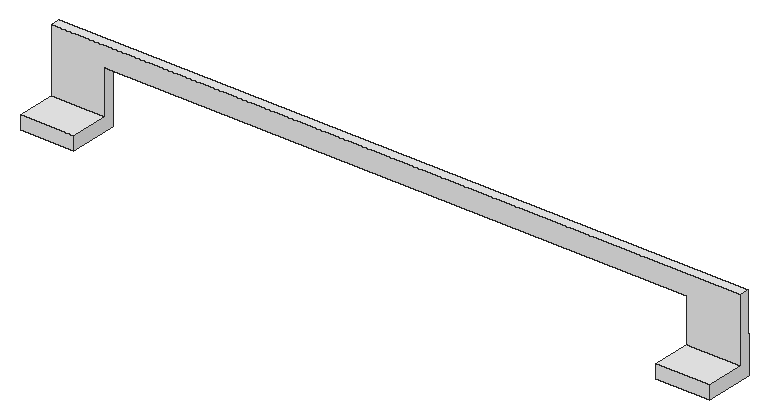
Revit family "Towel_Bar-Delta-Vero", category Furniture, host Face, Revit 2012
Parameters (values of type "Chrome")
  z Width [instance] = if(or(Towel Bar is 24 Inches, Towel Bar is 24 Inches Double), 26.000", 32.000")  # 26.000"
  z Visible [instance] = not(z Error)  # yes
  z Type Material = 1
  z Support Size [instance] = if(z Second Bar Visible, 2.125", 2.031")  # 2.031"
  z Second Bar Visible [instance] = and(z Visible, Towel Bar is 24 Inches Double)  # no
  z Second Bar Position [instance] = if(z Second Bar Visible, 3.625", z Depth)  # 2.906"
  z Height = 1.813"  # constant formula
  z Error Width [instance] = if(z Error, z Width, 0.125")  # 0.125"
  z Error Height [instance] = if(z Error, z Height, 0.125")  # 0.125"
  z Error Depth [instance] = if(z Error, z Depth, 0.125")  # 0.125"
  z Error [instance] = if(Towel Bar is 30 Inches, if(Towel Bar is 24 Inches, 1 = 1, if(Towel Bar is 24 Inches Double, 1 = 1, 0 = 1)), if(Towel Bar is 24 Inches Double, if(Towel Bar is 24 Inches, 1 = 1, 0 = 1), if(Towel Bar is 24 Inches, 0 = 1, 1 = 1)))  # no
  z Elevation = 0.000"  # constant formula
  z Depth [instance] = if(z Second Bar Visible, 7.250", 2.906")  # 2.906"
  z Bar Center Inset [instance] = if(z Second Bar Visible, 1.063", 0.000")  # 0.000"
  Width [instance] = z Width  # 26.000"
  URL = "http://www.deltafaucet.com/index.html"
  Towel Bar is 30 Inches [instance] = no
  Towel Bar is 24 Inches Double [instance] = no
  Towel Bar is 24 Inches [instance] = not(or(Towel Bar is 30 Inches, Towel Bar is 24 Inches Double))  # yes
  Product Page URL = "http://www.deltafaucet.com/bath/details/77725.html"
  Product Material = Chrome - Delta - Polished
  Product Documentation Link = "http://www.deltafaucet.com/media/SpecSheet/DSP-A-77725%20Rev%20A.pdf"
  Part Number [instance] = if(z Error, "Error: Select One Towel Bar Length Option", if(Towel Bar is 30 Inches, if(z Type Material = 1, "77730", if(z Type Material = 2, "77730-CZ", if(z Type Material = 3, "77730-RB", if(z Type Material = 4, "77730-SS", "Not Available")))), if(Towel Bar is 24 Inches Double, if(z Type Material = 1, "77725", if(z Type Material = 2, "77725-CZ", if(z Type Material = 3, "77725-RB", if(z Type Material = 4, "77725-SS", "Not Available")))), if(Towel Bar is 24 Inches, if(z Type Material = 1, "77724", if(z Type Material = 2, "77724-CZ", if(z Type Material = 3, "77724-RB", if(z Type Material = 4, "77724-SS", "Not Available")))), "Not Available"))))  # "77724"
  Part Description [instance] = if(z Error, "Error: Select One Towel Bar Length Option", if(Towel Bar is 30 Inches, if(z Type Material = 1, "Vero 30 Inch Towel Bar, Chrome", if(z Type Material = 2, "Vero 30 Inch Towel Bar, Champagne Bronze", if(z Type Material = 3, "Vero 30 Inch Towel Bar, Venetian Bronze", if(z Type Material = 4, "Vero 30 Inch Towel Bar, Stainless", "Not Available")))), if(Towel Bar is 24 Inches Double, if(z Type Material = 1, "Vero 24 Inch Double Towel Bar, Chrome", if(z Type Material = 2, "Vero 24 Inch Double Towel Bar, Champagne Bronze", if(z Type Material = 3, "Vero 24 Inch Double Towel Bar, Venetian Bronze", if(z Type Material = 4, "Vero 24 Inch Double Towel Bar, Stainless", "Not Available")))), if(Towel Bar is 24 Inches, if(z Type Material = 1, "Vero 24 Inch Towel Bar, Chrome", if(z Type Material = 2, "Vero 24 Inch Towel Bar, Champagne Bronze", if(z Type Material = 3, "Vero 24 Inch Towel Bar, Venetian Bronze", if(z Type Material = 4, "Vero 24 Inch Towel Bar, Stainless", "Not Available")))), "Not Available"))))  # "Vero 24 Inch Towel Bar, Chrome"
  Model Disclaimer = "Contact Delta Faucet Company for More Information"  # constant formula
  Model = "See Part Number"  # constant formula
  Manufacturer = "Delta Faucet Company"  # constant formula
  Height = z Height  # 1.813"
  Family Version = "1.0"  # constant formula
  Equipment Number [instance] = ""
  Equipment Abbreviation = "TB"
  Description = "See Part Description"  # constant formula
  Depth [instance] = z Depth  # 2.906"
  Default Elevation = 48.000"
  Date Modified = "July 17, 2015"  # constant formula
  Date Created = "July 17, 2015"  # constant formula
  Copyright = "Copyright ©2015 Delta Faucet Company"  # constant formula
Types (4): name | z Type Material | Product Page URL | Product Material | Part Number | Part Description
  Chrome | 1 | "http://www.deltafaucet.com/bath/details/77725.html" | Chrome - Delta - Polished | "77724" | "Vero 24 Inch Towel Bar, Chrome"
  Champagne Bronze | 2 | "http://www.deltafaucet.com/bath/details/77725-cz.html" | Bronze - Delta - Champagne | "77724-CZ" | "Vero 24 Inch Towel Bar, Champagne Bronze"
  Venetian Bronze | 3 | "http://www.deltafaucet.com/bath/details/77725-rb.html" | Bronze - Delta - Venetian | "77724-RB" | "Vero 24 Inch Towel Bar, Venetian Bronze"
  Stainless | 4 | "http://www.deltafaucet.com/bath/details/77725-ss.html" | Stainless Steel - Delta - Polished | "77724-SS" | "Vero 24 Inch Towel Bar, Stainless"
Reference planes (in)
  plane 1 "Center (Front/Back)": y = 0
  plane 2 "Center (Elevation)": z = 0
  plane 3 "Center (Left/Right)": x = 0
  plane 4 "Right": x = 13
  plane 5 "Left": x = -13
  plane 6 "Top": y = 0.9065
  plane 7 "Bottom": y = -0.9065
  plane 8: x = 10.969
  plane 9: x = -10.969
  plane 10: z = 0
  plane 11: z = 0.5
  plane 12 "Front": z = 2.906
  plane 13: y = 0.5565
  plane 14: z = 2.156
  plane 15: z = 2.906
  plane 16: z = 2.156
  plane 17: x = -13
  plane 18: x = 13
  plane 19: z = 1.078
  plane 20: x = -0.0625
  plane 21: x = 0.0625
  plane 22: z = 2.781
  plane 23: y = 0.7815
Forms (in)
  Extrusion 1, solid, material "Chrome - Delta - Polished" <- "Product Material"
    sketch origin (0, 0, 0) x (1, 0, 0) y (0, 1, 0)
      loop
        line (-13, 0.9065) -> (-13, -0.9065) -> (-10.969, -0.9065) -> (-10.969, 0.9065) -> (-13, 0.9065)
      loop
        line (10.969, 0.9065) -> (10.969, -0.9065) -> (13, -0.9065) -> (13, 0.9065) -> (10.969, 0.9065)
    from 0 to 0.5
  Extrusion 2, solid, material "Chrome - Delta - Polished" <- "Product Material"
    sketch origin (0, 0, 0) x (1, 0, 0) y (0, 0, 1)
      loop
        line (-13, 2.906) -> (-13, 0.5) -> (-10.969, 0.5) -> (-10.969, 2.906) -> (-13, 2.906)
      loop
        line (10.969, 2.906) -> (10.969, 0.5) -> (13, 0.5) -> (13, 2.906) -> (10.969, 2.906)
    from -0.9065 to -0.5565
  Extrusion 3, solid, material "Chrome - Delta - Polished" <- "Product Material"
    sketch origin (0, 0, 0) x (1, 0, 0) y (0, 0, 1)
      loop
        line (-10.969, 2.906) -> (-10.969, 2.156) -> (10.969, 2.156) -> (10.969, 2.906) -> (-10.969, 2.906)
    from -0.9065 to -0.5565
  Extrusion 4, solid, material "Chrome - Delta - Polished" <- "Product Material", visible <- "z Second Bar Visible"
    sketch origin (0, 0, 0) x (1, 0, 0) y (0, 0, 1)
      loop
        line (-10.969, 2.906) -> (-10.969, 2.156) -> (10.969, 2.156) -> (10.969, 2.906) -> (-10.969, 2.906)
    from -0.9065 to -0.5565
  Extrusion 5, solid, material "Error Box", visible <- "z Error"
    sketch origin (0, 0, 0) x (1, 0, 0) y (0, 0, 1)
      loop
        line (-0.0625, 2.906) -> (-0.0625, 2.781) -> (0.0625, 2.781) -> (0.0625, 2.906) -> (-0.0625, 2.906)
    from -0.9065 to -0.7815
Cuts and joins
  joined: Extrusion 1, Extrusion 2, Extrusion 3
Lines and regions (in)
  Masking region 1
    outline origin (0, 0, 0) x (1, 0, 0) y (0, 0, 1)
      loop
        line (-13, 0.5) -> (-10.969, 0.5) -> (-10.969, 2.156) -> (10.969, 2.156) -> (10.969, 0.5) -> (13, 0.5) -> (13, 2.906) -> (-13, 2.906) -> (-13, 0.5)
  Masking region 2, visible <- "z Second Bar Visible"
    outline origin (0, 0, 0) x (1, 0, 0) y (0, 0, 1)
      loop
        line (-10.969, 2.906) -> (-10.969, 2.156) -> (10.969, 2.156) -> (10.969, 2.906) -> (-10.969, 2.906)
  Masking region 3
    outline origin (0, 0, 0) x (1, 0, 0) y (0, 0, 1)
      loop
        line (-13, 0.5) -> (-13, 0) -> (-10.969, 0) -> (-10.969, 0.5) -> (-13, 0.5)
      loop
        line (10.969, 0.5) -> (10.969, 0) -> (13, 0) -> (13, 0.5) -> (10.969, 0.5)
  symbolic lines, detail levels fine
    curve 1: line (10.969, 0.9065, 2.156) -> (10.969, 0.9065, 2.906)
    curve 2: line (-10.969, 0.9065, 2.156) -> (-10.969, 0.9065, 2.906)
Dimensions and locks (in)
  equal spacing: plane 5 "Left", plane 3 "Center (Left/Right)", plane 4 "Right"
  "z Width": plane 5 "Left" to plane 4 "Right"
  equal spacing: plane 6 "Top", plane 1 "Center (Front/Back)", plane 7 "Bottom"
  "z Height": plane 6 "Top" to plane 7 "Bottom"
  "z Elevation": plane 10 to plane 2 "Center (Elevation)"
  locked: plane 6 "Top" to plane 13 at 0.35
  "z Depth": plane 12 "Front" to plane 10
  "z Support Size": plane 5 "Left" to plane 9
  "z Support Size": plane 8 to plane 4 "Right"
  equal spacing: plane 14, plane 19, plane 10
  plane 12 "Front" to plane 14 = 0.750"
  locked: plane 15 to plane 16 at 0.75
  "z Second Bar Position": plane 15 to plane 10
  "z Bar Center Inset": plane 5 "Left" to plane 17
  "z Bar Center Inset": plane 18 to plane 4 "Right"
  "z Error Depth": plane 12 "Front" to plane 22
  equal spacing: plane 21, plane 3 "Center (Left/Right)", plane 20
  "z Error Width": plane 21 to plane 20
  "z Error Height": plane 6 "Top" to plane 23
  aligned and locked: plane 2 "Center (Elevation)" to host face
  aligned and locked: level to host face
  aligned and locked: plane 7 "Bottom" to Extrusion 1 sketch curve  (x2)
  aligned and locked: plane 5 "Left" to Extrusion 1 sketch curve
  aligned and locked: Extrusion 1 sketch curve to plane 6 "Top"  (x2)
  aligned and locked: Extrusion 1 sketch curve to plane 9
  aligned and locked: plane 8 to Extrusion 1 sketch curve
  aligned and locked: Extrusion 1 sketch curve to plane 4 "Right"
  aligned and locked: Extrusion 1 to plane 10
  aligned and locked: plane 11 to Extrusion 1
  aligned and locked: plane 11 to Extrusion 2 sketch curve  (x2)
  aligned and locked: Extrusion 2 sketch curve to plane 9
  aligned and locked: Extrusion 2 sketch curve to plane 12 "Front"  (x2)
  aligned and locked: plane 8 to Extrusion 2 sketch curve
  aligned and locked: plane 6 "Top" to Extrusion 2
  aligned and locked: Extrusion 2 to plane 13
  aligned and locked: plane 9 to Extrusion 3 sketch curve
  aligned and locked: Extrusion 3 sketch curve to plane 8
  aligned and locked: Extrusion 3 sketch curve to plane 12 "Front"
  aligned and locked: plane 14 to Extrusion 3 sketch curve
  aligned and locked: plane 6 "Top" to Extrusion 3
  aligned and locked: Extrusion 3 to plane 13
  aligned and locked: plane 17 to Extrusion 2 sketch curve
  aligned and locked: Extrusion 2 sketch curve to plane 18
  aligned and locked: plane 17 to Masking region 1 sketch curve
  aligned and locked: Masking region 1 sketch curve to plane 18
  aligned and locked: Masking region 1 sketch curve to plane 12 "Front"
  aligned and locked: Masking region 1 sketch curve to plane 14
  aligned and locked: plane 9 to Masking region 1 sketch curve
  aligned and locked: Masking region 1 sketch curve to plane 8
  aligned and locked: plane 14 to curve 1
  aligned and locked: plane 12 "Front" to curve 1
  aligned and locked: plane 14 to curve 2
  aligned and locked: plane 12 "Front" to curve 2
  aligned and locked: plane 9 to curve 2
  aligned and locked: plane 8 to curve 1
  aligned and locked: plane 9 to Extrusion 4 sketch curve
  aligned and locked: Extrusion 4 sketch curve to plane 8
  aligned and locked: Extrusion 4 sketch curve to plane 15
  aligned and locked: plane 16 to Extrusion 4 sketch curve
  aligned and locked: plane 6 "Top" to Extrusion 4
  aligned and locked: Extrusion 4 to plane 13
  aligned and locked: plane 9 to Masking region 2 sketch curve
  aligned and locked: Masking region 2 sketch curve to plane 8
  aligned and locked: plane 16 to Masking region 2 sketch curve
  aligned and locked: Masking region 2 sketch curve to plane 15
  aligned and locked: Masking region 1 sketch curve to plane 11  (x2)
  aligned and locked: Masking region 3 sketch curve to plane 9
  aligned and locked: Masking region 3 sketch curve to plane 11  (x2)
  aligned and locked: plane 5 "Left" to Masking region 3 sketch curve
  aligned and locked: plane 10 to Masking region 3 sketch curve  (x2)
  aligned and locked: plane 8 to Masking region 3 sketch curve
  aligned and locked: Masking region 3 sketch curve to plane 4 "Right"
  aligned and locked: Extrusion 5 sketch curve to plane 21
  aligned and locked: plane 20 to Extrusion 5 sketch curve
  aligned and locked: plane 22 to Extrusion 5 sketch curve
  aligned and locked: Extrusion 5 sketch curve to plane 12 "Front"
  aligned and locked: plane 6 "Top" to Extrusion 5
  aligned and locked: Extrusion 5 to plane 23
Automatic sketch dimensions
  host sketch curve to host sketch curve = 0.92329"
  host sketch curve to host sketch curve = 0.72822"
